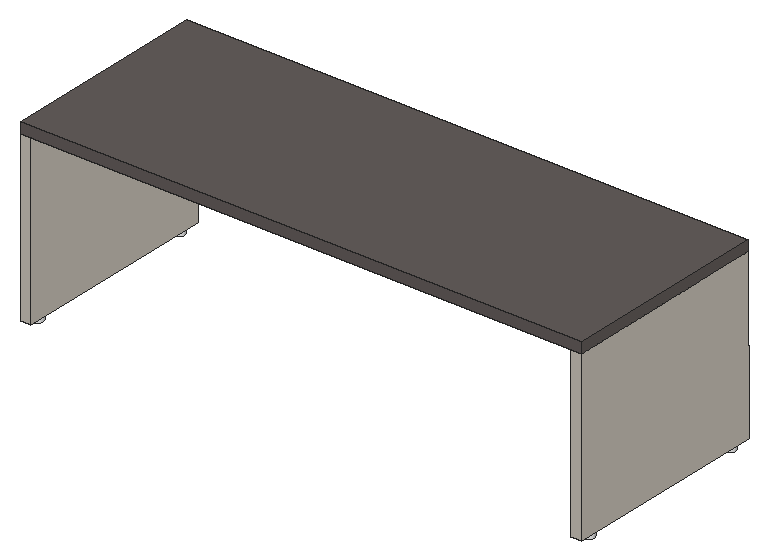
Revit family "Desk-Teknion-B_MSD_Secondary_High-R2018", category Furniture, Revit 2018
Family settings
  OmniClass Number = 23.40.70.14.64.21
  OmniClass Title = Systems Furniture
  Work Plane-Based = No
  Always vertical = Yes
  Cut with Voids When Loaded = No
  Shared = Yes
  Room Calculation Point = No
Parameters (values of type "1" Worksurface Thickness, Low Height")
  Worksurface Thickness = 1.016"
  Width [instance] = 54.000"
  Warranty = "http://www.teknion.com/ca/papers/legal-canada"
  Unit Weight URL = "http://www.teknion.com/pricing/expansion-casegoods/pdfs/wv.pdf"
  URL = "http://www.teknion.com/"
  To render please download texture images found here [instance] = "https://assets.teknion.com/web/5e81352c1dfdb467/revit-material-swatches/"
  Sustainability Data = "http://www.teknion.com/about-teknion/environment/datasheets.asp"
  Surface and Edge Trim Finish [instance] = Veneer - Teknion - VB - Flintwood - Black Walnut
  Right Grommet [instance] = or(Has Both Ends Rectangular Grommets, Has Right Rectangular Grommet)  # no
  Product Page URL = "http://www.teknion.com/ca/products/product-details?productlineid=0053336e-8e7a-673b-a6c8-ff00004460c4"
  Product Line = "Expansion Casegoods"  # constant formula
  Product Documentation Link = "http://www.teknion.com/pricing/Expansion-Casegoods/pdfs/B_MSD_ppg.pdf"
  Part Number = "B_MSD"
  Note [instance] = "Please select one of the following."  # constant formula
  No Grommet [instance] = not(or(Has Left Rectangular Grommet, Has Right Rectangular Grommet, Has Both Ends Rectangular Grommets, Has Centered Rectangular Grommet))  # yes
  Model = "BDMSDL___"
  Manufacturer Phone = "416-661-3370"
  Manufacturer Fax = "416.661.4586"
  Manufacturer Contact Information = "http://www.teknion.com/ca/contactus"
  Manufacturer Address = "1150 Flint Road, Toronto, ON. M3J 2J5. Canada"
  Manufacturer = "Teknion"  # constant formula
  Left Grommet [instance] = or(Has Both Ends Rectangular Grommets, Has Left Rectangular Grommet)  # no
  How To Use Teknion Materials User Guide [instance] = "https://assets.teknion.com/m/205dd0a49fa58060/original/How-to-add-a-Material-Library-and-Texture-Images-to-your-Revit-project.pdf"
  Height = 17.425"
  Has Both Ends Rectangular Grommets [instance] = no
  Has Right Rectangular Grommet [instance] = no
  Has Left Rectangular Grommet [instance] = no
  Has Centered Rectangular Grommet [instance] = no
  Hardware Finish [instance] = Mica - Teknion - V - Satin - Very White
  Grommet Finish [instance] = Mica - Teknion - V - Satin - Very White
  Gable Finish [instance] = Source Laminate - Teknion - DE - Latte
  For Additional Finishes please visit [instance] = "https://assets.teknion.com/m/44a8009b046e5d47/original/Teknion_Materials_Library.zip"
  Description = "Secondary Desk - Low, 1\" Thick WS"
  Depth [instance] = 20.000"
  Available Widths [instance] = "54, 60, 66, 72, 78, 84, 90, 96, 102, or 108 inches."  # constant formula
  Available Depths [instance] = "20 or 24 inches."  # constant formula
  Assembly Code = "E2020200"
  Actual Width [instance] = if(Width = 54.000", 53.730", if(Width = 60.000", 59.700", if(Width = 66.000", 65.670", if(Width = 72.000", 71.640", if(Width = 78.000", 77.610", if(Width = 84.000", 83.580", if(Width = 90.000", 89.550", if(Width = 96.000", 95.520", if(Width = 102.000", 101.490", if(Width = 108.000", 107.460", 53.730"))))))))))  # 53.730"
  Actual Depth [instance] = if(Depth = 20.000", 19.900", 23.880")  # 19.900"
Types (6): name | Worksurface Thickness | No Grommet | Model | Height | Has Centered Rectangular Grommet | Description
  1 3/16" Worksurface Thickness, High Height | 1.18898" | no | "BMMSDH_____" | 26.972" | yes | "Secondary Desk - High, 1-3/16\" Thick WS"
  1" Worksurface Thickness, High Height | 1.016" | no | "BDMSDH___" | 26.972" | yes | "Secondary Desk - High, 1\" Thick WS"
  1 9/16" Worksurface Thickness, High Height | 1.555" | no | "BXMSDH_____" | 26.972" | yes | "Secondary Desk - High, 1-9/16\" Thick WS"
  1 3/16" Worksurface Thickness, Low Height | 1.18898" | no | "BMMSDL_____" | 17.425" | yes | "Secondary Desk - Low, 1-3/16\" Thick WS"
  1 9/16" Worksurface Thickness, Low Height | 1.555" | no | "BXMSDL_____" | 17.425" | yes | "Secondary Desk - Low, 1-9/16\" Thick WS"
  1" Worksurface Thickness, Low Height | 1.016" | yes | "BDMSDL___" | 17.425" | no | "Secondary Desk - Low, 1\" Thick WS"
Reference planes (in)
  plane 1 "Center F/B": y = 0
  plane 2: z = 0
  plane 3 "Center L/R": x = 0
  plane 4 "Left": x = -26.865
  plane 5 "Right": x = 26.865
  plane 6 "Back": y = 9.95
  plane 7 "Front": y = -9.95
  plane 8 "Top": z = 17.425
  plane 9: z = 17.58248
  plane 10: x = -25.84925
  plane 11: x = 25.84925
  plane 12: z = 16.409
Forms (in)
  Sweep 1, solid, material "Veneer - Teknion - VB - Flintwood - Black Walnut" <- "Surface and Edge Trim Finish"
    path origin (0, 0, 0) x (1, 0, 0) y (0, 1, 0)
      loop
        line (-26.865, 0) -> (26.865, 0)
    profile origin (0, 0, 0) x (0, 1, 0) y (0, 0, 1)
      loop
        line (9.95, 17.425) -> (-9.95, 17.425) -> (-9.95, 16.409) -> (9.95, 16.409) -> (9.95, 17.425)
  Sweep 2, solid, material "Source Laminate - Teknion - DE - Latte" <- "Gable Finish"
    path origin (0, 0, 0) x (1, 0, 0) y (0, 0, 1)
      loop
        line (0, 16.409) -> (0, 0.41339)
    profile origin (0, 0, 8.41119) x (0, -1, 0) y (1, 0, 0)
      loop
        line (-9.95, -26.865) -> (9.95, -26.865) -> (9.95, -25.84925) -> (-9.95, -25.84925) -> (-9.95, -26.865)
      loop
        line (-9.95, 25.84926) -> (9.95, 25.84926) -> (9.95, 26.865) -> (-9.95, 26.865) -> (-9.95, 25.84926)
  Extrusion 3, solid, material "Metal - Teknion - C6 - Chrome"
    sketch origin (0, 0, 0) x (1, 0, 0) y (0, 1, 0)
      loop
        circle (-26.35528, 8.45) r 0.48481
      loop
        circle (-26.35528, -8.46926) r 0.48481
      loop
        circle (26.35528, -8.46926) r 0.48481
      loop
        circle (26.35528, 8.45) r 0.48481
    from 0 to 0.41339
  Extrusion 4, solid, material "Mica - Teknion - V - Satin - Very White" <- "Grommet Finish", visible <- "Has Centered Rectangular Grommet"
    sketch origin (0, 0, 17.425) x (-1, 0, 0) y (0, -1, 0)
      loop
        line (3.32716, -5.27994) -> (0.47993, -5.27994) -> (0.47993, -8.124) -> (3.32716, -8.124) -> (3.32716, -5.27994)
    from 0 to 0.15748
  Extrusion 5, solid, material "Mica - Teknion - V - Satin - Very White" <- "Grommet Finish", visible <- "Has Centered Rectangular Grommet"
    sketch origin (0, 0, 17.425) x (-1, 0, 0) y (0, -1, 0)
      loop
        line (0.47993, -5.27994) -> (-3.32716, -5.27994) -> (-3.32716, -8.124) -> (0.47993, -8.124) -> (0.47993, -6.91464) -> (-1.79967, -6.91464) -> (-1.79967, -6.48929) -> (0.47993, -6.48929) -> (0.47993, -5.27994)
    from 0 to 0.15748
  Extrusion 6, solid, material "Mica - Teknion - V - Satin - Very White" <- "Hardware Finish"
    sketch origin (-11.805, 0, -1.66531) x (1, 0, 0) y (0, 1, 0)
      loop
        line (-13.92524, 6.95) -> (-13.92524, -6.95) -> (-11.0915, -6.95) -> (-11.0915, 6.95) -> (-13.92524, 6.95)
    from 17.95534 to 18.07431
  Extrusion 7, solid, material "Mica - Teknion - V - Satin - Very White" <- "Hardware Finish"
    sketch origin (-38.805, 0, 0) x (0, 1, 0) y (0, 0, 1)
      loop
        line (-3.87804, 13.45624) -> (3.87804, 13.45624)
        arc (3.87804, 13.45624) -> (3.99213, 13.47314) -> (4.09643, 13.52236) r 0.3937
        line (4.09643, 13.52236) -> (6.77468, 15.30787)
        arc (6.77468, 15.30787) -> (6.90342, 15.44968) -> (6.95, 15.63545) r 0.3937
        line (6.95, 15.63545) -> (6.95, 16.409) -> (-6.95, 16.409) -> (-6.95, 15.63545)
        arc (-6.95, 15.63545) -> (-6.90342, 15.44968) -> (-6.77469, 15.30787) r 0.3937
        line (-6.77469, 15.30787) -> (-4.09643, 13.52236)
        arc (-4.09643, 13.52236) -> (-3.99213, 13.47314) -> (-3.87804, 13.45624) r 0.3937
    from 12.95575 to 13.07476
  Extrusion 8, solid, material "Mica - Teknion - V - Satin - Very White" <- "Hardware Finish"
    sketch origin (11.805, 0, -1.66531) x (-1, 0, 0) y (0, -1, 0)
      loop
        line (-13.92524, -6.95) -> (-11.0915, -6.95) -> (-11.0915, 6.95) -> (-13.92524, 6.95) -> (-13.92524, -6.95)
    from 17.95534 to 18.07431
  Extrusion 9, solid, material "Mica - Teknion - V - Satin - Very White" <- "Hardware Finish"
    sketch origin (38.805, 0, 0) x (0, 1, 0) y (0, 0, -1)
      loop
        arc (-3.87804, -13.45624) -> (-3.99213, -13.47314) -> (-4.09643, -13.52236) r 0.3937
        line (-4.09643, -13.52236) -> (-6.77469, -15.30787)
        arc (-6.77469, -15.30787) -> (-6.90342, -15.44968) -> (-6.95, -15.63545) r 0.3937
        line (-6.95, -15.63545) -> (-6.95, -16.409) -> (6.95, -16.409) -> (6.95, -15.63545)
        arc (6.95, -15.63545) -> (6.90342, -15.44968) -> (6.77468, -15.30787) r 0.3937
        line (6.77468, -15.30787) -> (4.09643, -13.52236)
        arc (4.09643, -13.52236) -> (3.99213, -13.47314) -> (3.87804, -13.45624) r 0.3937
        line (3.87804, -13.45624) -> (-3.87804, -13.45624)
    from 12.95575 to 13.07476
  Extrusion 10, solid, material "Mica - Teknion - V - Satin - Very White" <- "Grommet Finish", visible <- "Left Grommet"
    sketch origin (-18.29413, 0, 17.425) x (-1, 0, 0) y (0, -1, 0)
      loop
        line (3.32716, -5.27994) -> (0.47993, -5.27994) -> (0.47993, -8.124) -> (3.32716, -8.124) -> (3.32716, -5.27994)
    from 0 to 0.15748
  Extrusion 11, solid, material "Mica - Teknion - V - Satin - Very White" <- "Grommet Finish", visible <- "Left Grommet"
    sketch origin (-18.29413, 0, 17.425) x (-1, 0, 0) y (0, -1, 0)
      loop
        line (0.47993, -5.27994) -> (-3.32716, -5.27994) -> (-3.32716, -8.124) -> (0.47993, -8.124) -> (0.47993, -6.91464) -> (-1.79967, -6.91464) -> (-1.79967, -6.48929) -> (0.47993, -6.48929) -> (0.47993, -5.27994)
    from 0 to 0.15748
  Extrusion 12, solid, material "Mica - Teknion - V - Satin - Very White" <- "Grommet Finish", visible <- "Right Grommet"
    sketch origin (18.29413, 13.40394, 17.425) x (1, 0, 0) y (0, 1, 0)
      loop
        line (3.32716, -5.27994) -> (0.47993, -5.27994) -> (0.47993, -8.124) -> (3.32716, -8.124) -> (3.32716, -5.27994)
    from 0 to 0.15748
  Extrusion 13, solid, material "Mica - Teknion - V - Satin - Very White" <- "Grommet Finish", visible <- "Right Grommet"
    sketch origin (18.29413, 13.40394, 17.425) x (1, 0, 0) y (0, 1, 0)
      loop
        line (0.47993, -5.27994) -> (-3.32716, -5.27994) -> (-3.32716, -8.124) -> (0.47993, -8.124) -> (0.47993, -6.91464) -> (-1.79967, -6.91464) -> (-1.79967, -6.48929) -> (0.47993, -6.48929) -> (0.47993, -5.27994)
    from 0 to 0.15748
Lines and regions (in)
  Masking region 1
    outline origin (0, 0, 17.425) x (-1, 0, 0) y (0, -1, 0)
      loop
        line (26.865, -9.95) -> (26.865, 9.95) -> (-26.865, 9.95) -> (-26.865, -9.95) -> (26.865, -9.95)
  symbolic lines, style "Hidden Lines", detail levels medium+fine
    curve 1: line (-25.84925, -9.95, 0) -> (-25.84925, 9.95, 0)
    curve 2: line (25.84926, 9.95, 0) -> (25.84926, -9.95, 0)
  symbolic lines, visible <- "Has Centered Rectangular Grommet"
    curve 3: line (-0.47993, 8.124, 0) -> (-3.32716, 8.124, 0)
    curve 4: line (3.32716, 8.124, 0) -> (-0.47993, 8.124, 0)
    curve 5: line (3.32716, 5.27994, 0) -> (3.32716, 8.124, 0)
    curve 6: line (-0.47993, 5.27994, 0) -> (3.32716, 5.27994, 0)
    curve 7: line (-3.32716, 5.27994, 0) -> (-0.47993, 5.27994, 0)
    curve 8: line (-3.32716, 8.124, 0) -> (-3.32716, 5.27994, 0)
    curve 9: line (-0.47993, 5.27994, 0) -> (-0.47993, 8.124, 0)
    curve 10: line (-0.47993, 6.91464, 0) -> (1.79967, 6.91464, 0)
    curve 11: line (1.79967, 6.48929, 0) -> (-0.47993, 6.48929, 0)
    curve 12: line (1.79967, 6.91464, 0) -> (1.79967, 6.48929, 0)
  symbolic lines, style "Hidden Lines", detail levels fine
    curve 13: arc (26.35528, 8.93481, 0) -> (25.87047, 8.45, 0) -> (26.35528, 7.96519, 0) r 0.48481
    curve 14: arc (26.35528, 7.96519, 0) -> (26.84009, 8.45, 0) -> (26.35528, 8.93481, 0) r 0.48481
    curve 15: arc (26.35528, -7.98445, 0) -> (25.87047, -8.46926, 0) -> (26.35528, -8.95407, 0) r 0.48481
    curve 16: arc (26.35528, -8.95407, 0) -> (26.84009, -8.46926, 0) -> (26.35528, -7.98445, 0) r 0.48481
    curve 17: arc (-26.35528, -7.98445, 0) -> (-26.84009, -8.46926, 0) -> (-26.35528, -8.95407, 0) r 0.48481
    curve 18: arc (-26.35528, -8.95407, 0) -> (-25.87047, -8.46926, 0) -> (-26.35528, -7.98445, 0) r 0.48481
    curve 19: arc (-26.35528, 7.96519, 0) -> (-25.87047, 8.45, 0) -> (-26.35528, 8.93481, 0) r 0.48481
    curve 20: arc (-26.35528, 8.93481, 0) -> (-26.84009, 8.45, 0) -> (-26.35528, 7.96519, 0) r 0.48481
    curve 21: line (-25.73024, 6.95, 0) -> (-25.84925, 6.95, 0)
    curve 22: line (-22.8965, 6.95, 0) -> (-25.73024, 6.95, 0)
    curve 23: line (-22.8965, -6.95, 0) -> (-22.8965, 6.95, 0)
    curve 24: line (-25.73024, -6.95, 0) -> (-22.8965, -6.95, 0)
    curve 25: line (-25.84925, -6.95, 0) -> (-25.73024, -6.95, 0)
    curve 26: line (-25.73024, -6.95, 0) -> (-25.73024, 6.95, 0)
    curve 27: line (25.84926, 6.95, 0) -> (25.73024, 6.95, 0)
    curve 28: line (25.73024, 6.95, 0) -> (22.8965, 6.95, 0)
    curve 29: line (22.8965, 6.95, 0) -> (22.8965, -6.95, 0)
    curve 30: line (22.8965, -6.95, 0) -> (25.73024, -6.95, 0)
    curve 31: line (25.73024, 6.95, 0) -> (25.73024, -6.95, 0)
    curve 32: line (25.73024, -6.95, 0) -> (25.84926, -6.95, 0)
  symbolic lines, visible <- "Left Grommet"
    curve 33: line (-18.77406, 8.124, 0) -> (-21.62129, 8.124, 0)
    curve 34: line (-14.96698, 8.124, 0) -> (-18.77406, 8.124, 0)
    curve 35: line (-14.96698, 5.27994, 0) -> (-14.96698, 8.124, 0)
    curve 36: line (-18.77406, 5.27994, 0) -> (-14.96698, 5.27994, 0)
    curve 37: line (-21.62129, 5.27994, 0) -> (-18.77406, 5.27994, 0)
    curve 38: line (-21.62129, 8.124, 0) -> (-21.62129, 5.27994, 0)
    curve 39: line (-18.77406, 5.27994, 0) -> (-18.77406, 8.124, 0)
    curve 40: line (-18.77406, 6.91464, 0) -> (-16.49446, 6.91464, 0)
    curve 41: line (-16.49446, 6.48929, 0) -> (-18.77406, 6.48929, 0)
    curve 42: line (-16.49446, 6.91464, 0) -> (-16.49446, 6.48929, 0)
  symbolic lines, visible <- "Right Grommet"
    curve 43: line (18.77406, 5.27994, 0) -> (21.62129, 5.27994, 0)
    curve 44: line (14.96698, 5.27994, 0) -> (18.77406, 5.27994, 0)
    curve 45: line (14.96698, 8.124, 0) -> (14.96698, 5.27994, 0)
    curve 46: line (18.77406, 8.124, 0) -> (14.96698, 8.124, 0)
    curve 47: line (21.62129, 8.124, 0) -> (18.77406, 8.124, 0)
    curve 48: line (21.62129, 5.27994, 0) -> (21.62129, 8.124, 0)
    curve 49: line (18.77406, 8.124, 0) -> (18.77406, 5.27994, 0)
    curve 50: line (18.77406, 6.48929, 0) -> (16.49446, 6.48929, 0)
    curve 51: line (16.49446, 6.91464, 0) -> (18.77406, 6.91464, 0)
    curve 52: line (16.49446, 6.48929, 0) -> (16.49446, 6.91464, 0)
Dimensions and locks (in)
  equal spacing: plane 4 "Left", plane 3 "Center L/R", plane 5 "Right"
  equal spacing: plane 6 "Back", plane 1 "Center F/B", plane 7 "Front"
  "Actual Width": plane 4 "Left" to plane 5 "Right"
  "Actual Depth": plane 7 "Front" to plane 6 "Back"
  locked: Sweep 2 sketch curve to plane 2 at 0.41339
  locked: Sweep 2 sketch curve to plane 12 at 0
  locked: plane 4 "Left" to Sweep 2 sketch curve at 1.01575
  locked: Sweep 2 sketch curve to plane 5 "Right" at 1.01574
  "Height": plane 8 "Top" to plane 2
  locked: Extrusion 3 to plane 2 at 0.41339
  locked: plane 4 "Left" to Extrusion 3 sketch curve at 0.50972  (x2)
  locked: Extrusion 3 sketch curve to plane 5 "Right" at 0.50972  (x2)
  locked: plane 7 "Front" to Extrusion 3 sketch curve at 1.48074
  locked: plane 6 "Back" to Extrusion 3 sketch curve at 1.5
  Extrusion 4 sketch curve to Extrusion 4 sketch curve to plane 3 "Center L/R" = 2.84723" locked, 0.47993" locked
  plane 6 "Back" to Extrusion 4 sketch curve to Extrusion 4 sketch curve = 1.826" locked, 2.84406" locked
  Extrusion 5 sketch curve to Extrusion 5 sketch curve to plane 3 "Center L/R" to Extrusion 5 sketch curve to Extrusion 5 sketch curve = 0.000" locked, 0.47993" locked, 1.79967" locked, 1.52748" locked
  Extrusion 5 sketch curve to Extrusion 5 sketch curve to Extrusion 5 sketch curve to Extrusion 5 sketch curve to plane 6 "Back" = 1.20936" locked, 0.42535" locked, 1.20936" locked, 1.826" locked
  locked: plane 9 to plane 8 "Top" at 0.15748
  locked: Extrusion 6 sketch curve to plane 6 "Back" at 3
  locked: Extrusion 6 sketch curve to plane 7 "Front" at 3
  plane 4 "Left" to Extrusion 6 sketch curve to Extrusion 6 sketch curve = 1.13476" locked, 2.83374" locked
  Extrusion 7 sketch curve to Extrusion 7 sketch curve to Extrusion 7 sketch curve to plane 6 "Back" = 2.67826" locked, 0.3937" locked, 3.000" locked
  plane 7 "Front" to Extrusion 7 sketch curve to Extrusion 7 sketch curve to Extrusion 7 sketch curve = 3.000" locked, 0.3937" locked, 2.67826" locked
  Extrusion 7 sketch curve to Extrusion 7 sketch curve to Extrusion 7 sketch curve to Extrusion 7 sketch curve to Extrusion 7 sketch curve to Extrusion 7 sketch curve to plane 12 = 0.3937" locked, 0.000" locked, 1.78551" locked, 0.000" locked, 0.77355" locked, 0.000" locked
  plane 5 "Right" to Extrusion 8 sketch curve to Extrusion 8 sketch curve = 1.13476" locked, 2.83374" locked
  Extrusion 9 sketch curve to Extrusion 9 sketch curve to Extrusion 9 sketch curve to plane 6 "Back" = 2.67826" locked, 0.3937" locked, 3.000" locked
  plane 7 "Front" to Extrusion 9 sketch curve to Extrusion 9 sketch curve to Extrusion 9 sketch curve = 3.000" locked, 0.3937" locked, 2.67826" locked
  plane 12 to Extrusion 9 sketch curve to Extrusion 9 sketch curve to Extrusion 9 sketch curve to Extrusion 9 sketch curve to Extrusion 9 sketch curve to Extrusion 9 sketch curve = 0.000" locked, 0.77355" locked, 0.000" locked, 1.78551" locked, 0.000" locked, 0.3937" locked
  locked: plane 6 "Back" to Extrusion 8 sketch curve at 3
  locked: plane 7 "Front" to Extrusion 8 sketch curve at 3
  locked: plane 4 "Left" to plane 10 at 1.01575
  locked: plane 10 to Extrusion 7 at 0.11902
  locked: plane 5 "Right" to plane 11 at 1.01575
  locked: Extrusion 9 to plane 11 at 0.11902
  "Worksurface Thickness": plane 8 "Top" to plane 12
  locked: plane 12 to Extrusion 6 at 0.11897
  locked: plane 12 to Extrusion 8 at 0.11897
  plane 4 "Left" to Extrusion 10 sketch curve to Extrusion 10 sketch curve = 5.24371" locked, 2.84723" locked
  plane 6 "Back" to Extrusion 10 sketch curve to Extrusion 10 sketch curve = 1.826" locked, 2.84406" locked
  plane 4 "Left" to Extrusion 11 sketch curve to Extrusion 11 sketch curve to Extrusion 11 sketch curve to Extrusion 11 sketch curve = 8.09094" locked, 0.000" locked, 2.2796", 1.52748" locked
  Extrusion 11 sketch curve to Extrusion 11 sketch curve to Extrusion 11 sketch curve to Extrusion 11 sketch curve to plane 6 "Back" = 1.20936" locked, 0.42535" locked, 1.20936" locked, 1.826" locked
  plane 5 "Right" to Extrusion 12 sketch curve to Extrusion 12 sketch curve = 5.24371" locked, 2.84723" locked
  Extrusion 12 sketch curve to Extrusion 12 sketch curve to plane 6 "Back" = 2.84406" locked, 1.826" locked
  plane 5 "Right" to Extrusion 13 sketch curve to Extrusion 13 sketch curve to Extrusion 13 sketch curve to Extrusion 13 sketch curve = 8.09094" locked, 0.000" locked, 2.2796" locked, 1.52748" locked
  plane 6 "Back" to Extrusion 13 sketch curve to Extrusion 13 sketch curve to Extrusion 13 sketch curve to Extrusion 13 sketch curve = 1.826" locked, 1.20936" locked, 0.42535" locked, 1.20936" locked
  aligned and locked: level to plane 2
  aligned and locked: plane 4 "Left" to Sweep 1 sketch curve
  aligned and locked: plane 5 "Right" to Sweep 1 sketch curve
  aligned and locked: plane 1 "Center F/B" to Sweep 1 sketch curve
  aligned and locked: Sweep 1 sketch curve to plane 8 "Top"
  aligned and locked: Sweep 1 sketch curve to plane 7 "Front"
  aligned and locked: Sweep 1 sketch curve to plane 6 "Back"
  aligned and locked: Sweep 2 sketch curve to plane 3 "Center L/R"
  aligned and locked: Sweep 2 sketch curve to plane 6 "Back"  (x2)
  aligned and locked: Sweep 2 sketch curve to plane 4 "Left"
  aligned and locked: Sweep 2 sketch curve to plane 7 "Front"  (x2)
  aligned and locked: Sweep 2 sketch curve to plane 5 "Right"
  aligned and locked: plane 2 to Extrusion 3
  aligned and locked: curve 1 to Sweep 2
  aligned and locked: curve 2 to Sweep 2
  aligned and locked: Masking region 1 sketch curve to plane 4 "Left"
  aligned and locked: Masking region 1 sketch curve to plane 5 "Right"
  aligned and locked: Masking region 1 sketch curve to plane 6 "Back"
  aligned and locked: Masking region 1 sketch curve to plane 7 "Front"
  aligned and locked: Extrusion 4 to plane 9
  aligned and locked: Extrusion 5 to plane 9
  aligned and locked: Extrusion 4 to plane 8 "Top"
  aligned and locked: Extrusion 5 to plane 8 "Top"
  aligned and locked: curve 3 to Extrusion 4
  aligned and locked: curve 7 to Extrusion 4
  aligned and locked: curve 8 to Extrusion 4
  aligned and locked: curve 9 to Extrusion 4
  aligned and locked: Extrusion 7 to Extrusion 6
  aligned and locked: Extrusion 8 to Extrusion 9
  aligned and locked: Extrusion 7 to plane 10
  aligned and locked: Extrusion 9 to plane 11
  aligned and locked: curve 4 to Extrusion 5
  aligned and locked: curve 5 to Extrusion 5
  aligned and locked: curve 10 to Extrusion 5
  aligned and locked: curve 12 to Extrusion 5
  aligned and locked: curve 11 to Extrusion 5
  aligned and locked: curve 13 to Extrusion 3
  aligned and locked: curve 14 to Extrusion 3
  aligned and locked: curve 15 to Extrusion 3
  aligned and locked: curve 16 to Extrusion 3
  aligned and locked: curve 17 to Extrusion 3
  aligned and locked: curve 18 to Extrusion 3
  aligned and locked: curve 19 to Extrusion 3
  aligned and locked: curve 20 to Extrusion 3
  aligned and locked: curve 28 to Extrusion 8
  aligned and locked: curve 29 to Extrusion 8
  aligned and locked: curve 30 to Extrusion 8
  aligned and locked: Extrusion 8 to plane 12
  aligned and locked: Extrusion 6 to plane 12
  aligned and locked: curve 23 to Extrusion 6
  aligned and locked: curve 33 to Extrusion 10
  aligned and locked: curve 37 to Extrusion 10
  aligned and locked: curve 38 to Extrusion 10
  aligned and locked: curve 39 to Extrusion 10
  aligned and locked: curve 34 to Extrusion 11
  aligned and locked: curve 35 to Extrusion 11
  aligned and locked: curve 40 to Extrusion 11
  aligned and locked: curve 42 to Extrusion 11
  aligned and locked: curve 41 to Extrusion 11
  aligned and locked: curve 43 to Extrusion 12
  aligned and locked: curve 47 to Extrusion 12
  aligned and locked: curve 48 to Extrusion 12
  aligned and locked: curve 49 to Extrusion 12
  aligned and locked: curve 44 to Extrusion 13
  aligned and locked: curve 45 to Extrusion 13
  aligned and locked: curve 50 to Extrusion 13
  aligned and locked: curve 52 to Extrusion 13
  aligned and locked: curve 51 to Extrusion 13
  aligned and locked: Extrusion 11 to plane 8 "Top"
  aligned and locked: Extrusion 10 to plane 8 "Top"
  aligned and locked: Extrusion 12 to plane 8 "Top"
  aligned and locked: Extrusion 13 to plane 8 "Top"
  aligned and locked: plane 9 to Extrusion 11
  aligned and locked: plane 9 to Extrusion 10
  aligned and locked: Extrusion 13 to plane 9
  aligned and locked: Extrusion 12 to plane 9
  aligned and locked: Sweep 1 sketch curve to plane 12
Automatic sketch dimensions
  Extrusion 3 sketch curve to Extrusion 3 sketch curve = 0.000"  (x2)
  Extrusion 3 sketch curve to plane 7 "Front" = 1.48074"
  Extrusion 3 sketch curve to plane 6 "Back" = 1.500"
  Extrusion 3 sketch curve to Extrusion 3 sketch curve = 0.48481"  (x4)
  plane 12 to Extrusion 7 sketch curve = 1.10113"  (x2)
  plane 12 to Extrusion 7 sketch curve = 2.88664"  (x2)
  plane 12 to Extrusion 9 sketch curve = 1.10113"  (x2)
  plane 12 to Extrusion 9 sketch curve = 2.88664"  (x2)
  plane 7 "Front" to curve 2 = 0.000"
  plane 7 "Front" to curve 1 = 0.000"
  curve 1 to plane 6 "Back" = 0.000"
  curve 2 to plane 6 "Back" = 0.000"
  curve 25 to curve 25 = 0.11902"
  plane 11 to curve 32 = 0.11902"
  curve 17 to curve 25 = 1.03445"
  curve 21 to curve 19 = 1.01519"
